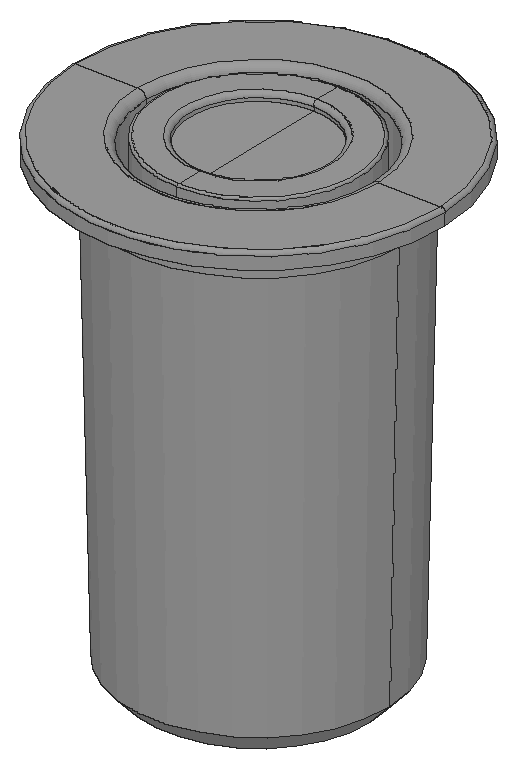
Revit family "0059828 Feilo Sylvania Lighting Fixture SYLFIRE LED G2 WH TLT NW DIM DC", category Lighting Fixtures, host Face, Revit 2017
Family settings
  Host = Face
  Round Connector Dimension = Use Diameter
  Part Type = Normal
  OmniClass Number = 23.80.70.00
  OmniClass Title = Lighting
  Cut with Voids When Loaded = No
  Light Source = No
  Shared = No
  Room Calculation Point = No
Parameters (values of type "0059828 SYLFIRE LED G2 WH TLT NW DIM DC")
  Weight = "9.82 kg"
  Wattage Comments = ""
  WarrantyStartDate [instance] = "n/a"
  WarrantyGuarantorParts = "n/a"
  WarrantyDurationUnit = "n/a"
  WarrantyDurationParts = "n/a"
  WarrantyDescription = "n/a"
  Voltage = 230 V
  URL = "http://www.sylvania-lighting.com"
  TypeName = "SYLFIRE LED G2 WH TLT NW DIM DC"
  TypeHead_FEILO = SylFire Tiltable Head : 0059828 SYLFIRE LED G2 WH TLT NW DIM DC
  Type Image = <None>
  Type Comments = "n/a"
  TiltAngle_FEILO = 0.00°
  SerialNumber [instance] = "n/a"
  Material_3_FEILO = none
  PowerFactor = 0.85
  PowerConsumption = "8 W"
  NominalLength = 92 mm
  NominalHeight = 117 mm
  NominalDepth = 92 mm
  Name = "SYLFIRE LED G2 WH TLT NW DIM DC"
  ModelReference = Name  # "SYLFIRE LED G2 WH TLT NW DIM DC"
  ModelNumber = "0059828"
  Model = Name  # "SYLFIRE LED G2 WH TLT NW DIM DC"
  Material = "n/a"
  ManufacturerName = "Feilo Sylvania"
  Manufacturer = "Feilo Sylvania"
  LuminousEfficacy = "77.5 lm/W"
  LuminaireType = ""
  LightOutputRatio = "n/a"
  LampsType = Lamp  # "LED"
  LampNominalLuminous = "620 lm"
  LampMacAdamStep = "n/a"
  LampColourTemperature = "4000 K"
  LampColourRenderingIndex = "80"
  Lamp = "LED"
  Keynote = "16500"
  InstallationDate [instance] = "n/a"
  InputVoltage = "220-240V~"
  InputNominalFrequency = "50/60 Hz"
  IngressProtection = "IP20"
  ImpactProtectionIndex = "IK06"
  IfcExportType = "IfcLightFixtureType"
  IfcExportAs = "IfcLightFixtureType"
  ExpectedLife = 50000
  EndAngle_FEILO = TiltAngle_FEILO + 180.00°  # 180.00°
  ElectricShockClassification = "Class II"
  DurationUnit = "hours"
  DocumentationLiterature = "http://www.sylvania-lighting.com/product/en-int/products/0059828"
  DimmingControlOptions = "Non dimmable"
  Material_2_FEILO = LED-Sylvania-SylFire
  Description = "IP20 LED downlight, fire rated for 30, 60 and 90 minutes. 8W up to 620 lumen output."
  Default Elevation = 1219.2 mm
  CreatedOn = "2/15/2018"
  CreatedBy = ""
  Cost = 0
  built-in parameter 1114216 [instance] = (empty or 0)
  ClassificationValue = "EF_70_80"
  ClassificationName = "Uniclass2015"
  Material_1_FEILO = Body-Sylvania-SylFire-White
  BarCode [instance] = "n/a"
  AssetType = "Fixed"
  AssetIdentifier [instance] = "n/a"
  Assembly Code = "D5020200"
  Apparent Load = 8 VA
  Material_4_FEILO = none
Reference planes
  plane 1 "Center (Front/Back)": y = 0
  plane 2: z = 0
  plane 3 "Center (Left/Right)": x = 0
  plane 4: x = -46
  plane 5: x = 46
  plane 6: x = -43
  plane 7: x = 43
  plane 8: z = 4
  plane 9: x = -41
  plane 10: x = -36.6
  plane 11: x = -34.6
  plane 12: z = -7
  plane 13: z = -69
  plane 14: z = -111
  plane 15: z = -116
  plane 16: x = -32.4
  plane 17: x = -27.8
  plane 18: z = -22
Forms (mm)
  Revolve 1, solid, material "Body-Sylvania-SylFire-White" <- "Material_1_FEILO"
    sketch origin (0, 0, 0) x (1, 0, 0) y (0, 0, 1)
      loop
        line (0, -22) -> (-27.8, -22) -> (-27.8, 2)
        arc (-27.8, 2) -> (-28.386, 3.414) -> (-29.8, 4) r 2
        line (-29.8, 4) -> (-45, 4)
        arc (-45, 4) -> (-45.707, 3.707) -> (-46, 3) r 1
        line (-46, 3) -> (-46, 0) -> (-36.6, 0) -> (-36.6, -7) -> (-34.6, -7) -> (-32.4, -111) -> (-27.8, -116) -> (0, -116) -> (0, -22)
      axis (0, 4) -> (0, -116)
    angle from 360 to 0
  Revolve 2, void
    sketch origin (0, 0, 0) x (1, 0, 0) y (0, 0, 1)
      loop
        line (0, 0) -> (-43, 0) -> (-43, -116) -> (0, -116) -> (0, 0)
      axis (0, 0) -> (0, -116)
    angle from 360 to 0
  Revolve 3, solid
    sketch origin (1223.4, -4572, -7) x (0, -1, 0) y (1, 0, 0)
      loop
        line (-4572, -1223.4) -> (-4577, -1223.4) -> (-4577, -1236.572) -> (-4572, -1236.572) -> (-4572, -1223.4)
      axis (-4572, -1223.4) -> (-4572, -1236.572)
    angle from 0 <- "TiltAngle_FEILO" to 180 <- "EndAngle_FEILO"
Dimensions and locks
  equal spacing: plane 7, plane 3 "Center (Left/Right)", plane 6
  locked: plane 7 to plane 6 at 86
  equal spacing: plane 5, plane 3 "Center (Left/Right)", plane 4
  locked: plane 5 to plane 4 at 92
  locked: plane 8 to plane 2 at 4
  locked: plane 2 to plane 12 at 7
  locked: plane 12 to plane 13 at 62
  locked: plane 3 "Center (Left/Right)" to plane 4 at 46
  locked: plane 2 to plane 18 at 22
  locked: plane 3 "Center (Left/Right)" to plane 17 at 27.8
  locked: plane 3 "Center (Left/Right)" to plane 16 at 32.4
  locked: plane 3 "Center (Left/Right)" to plane 11 at 34.6
  locked: plane 3 "Center (Left/Right)" to plane 10 at 36.6
  locked: plane 3 "Center (Left/Right)" to plane 9 at 41
  locked: plane 3 "Center (Left/Right)" to plane 6 at 43
  aligned and locked: plane 2 to host face
  aligned and locked: level to host face
  aligned and locked: Revolve 1 sketch curve to plane 3 "Center (Left/Right)"
  aligned and locked: plane 3 "Center (Left/Right)" to Revolve 1 sketch curve  (x2)
  aligned and locked: Revolve 1 sketch curve to plane 18
  aligned and locked: plane 17 to Revolve 1 sketch curve  (x2)
  aligned and locked: Revolve 1 sketch curve to plane 8
  aligned and locked: level to Revolve 1 sketch curve
  aligned and locked: Revolve 1 sketch curve to plane 4
  aligned and locked: Revolve 1 sketch curve to plane 10
  aligned and locked: plane 12 to Revolve 1 sketch curve
  aligned and locked: plane 16 to Revolve 1 sketch curve
  aligned and locked: plane 15 to Revolve 1 sketch curve
  aligned and locked: Revolve 2 sketch curve to plane 3 "Center (Left/Right)"
  aligned and locked: Revolve 2 sketch curve to Revolve 1
  aligned and locked: plane 3 "Center (Left/Right)" to Revolve 2 sketch curve
  aligned and locked: plane 15 to Revolve 2 sketch curve
  aligned and locked: Revolve 2 sketch curve to plane 6
  aligned and locked: Revolve 3 sketch curve to plane 1 "Center (Front/Back)"
  aligned and locked: Revolve 3 sketch curve to Revolve 3 sketch curve
  aligned and locked: plane 3 "Center (Left/Right)" to Revolve 3 sketch curve
  aligned and locked: plane 3 "Center (Left/Right)" to nested 1
Automatic sketch dimensions
  host sketch curve to host sketch curve = 2438.4 mm  (x2)
  Revolve 1 sketch curve to plane 11 = 0 mm
  Revolve 1 sketch curve to plane 14 = 0 mm
  plane 4 to Revolve 1 sketch curve = 1 mm
  plane 8 to Revolve 1 sketch curve = 2 mm
  plane 15 to Revolve 1 sketch curve = 493.6 mm
  Revolve 1 sketch curve to plane 8 = 2606.058 mm
  plane 15 to Revolve 2 sketch curve = 493.6 mm
  Revolve 2 sketch curve to plane 8 = 2606.058 mm
  Revolve 3 sketch curve to plane 1 "Center (Front/Back)" = 5 mm
  Revolve 3 sketch curve to Revolve 3 sketch curve = 13.172 mm
  Revolve 3 sketch curve to plane 4 = 1478 mm
  plane 5 to Revolve 3 sketch curve = 1478 mm
Nested families
  nested 1: "SylFire Tiltable Head" at (0, 0, -7) x (0, 1, 0) z (0, 0, 1), type <- "TypeHead_FEILO", type "0059828 SYLFIRE LED G2 WH TLT NW DIM DC"
    with built-in parameter 1114216 (empty or 0)
Connectors
  electrical at (0, 0, 0), driven by "Apparent Load", driven by "PowerFactor", driven by "Voltage"
    settings: index 1, voltage 230 V, apparent load 8 VA, apparent load phase1 0 VA, apparent load phase2 0 VA, apparent load phase3 0 VA, power factor 0.85, load classification "Lighting", number of poles 1, system type 30, power factor state 1, is connector primary yes, connector utility no, sub classification motor no, connector description ""
Definition of nested family "SylFire Tiltable Head"
  Parameters (values of type "0059827 SYLFIRE LED G2 WH TLT WW DIM DC")
    Wattage Comments = "n/a"
    Wattage = 8 W
    built-in parameter 1150110 = 1 (stored number, unit not read)
    URL = "http://www.feilosylvania.com"
    Type Image = (empty or 0)
    Type Comments = "n/a"
    built-in parameter 1114217 = 1 (stored number, unit not read)
    Tilt Angle = -90.00°
    built-in parameter 1150109 = 1 (stored number, unit not read)
    built-in parameter 1150134 = (empty or 0)
    built-in parameter 1150113 = 1 (stored number, unit not read)
    Photometric Web File = "0059827.ies"
    built-in parameter 1150142 = "IESNA:LM-63-2002\r\n[MANUFAC] \r\n[_EULUMDAT_ITYP] 1\r\n[_EULUMDAT_HDIST] 30\r\n[_EULUMD_VDIST] 1\r\n[TEST] 201712069-1\r\n[LUMINAIRE] LED天花灯\r\n[LUMCAT] 201712069-1\r\n[_EULUM_FILENAME] 201712069-1 LED G2WH TLT WW DIM DC(P034057).ldt\r\n[ISSUEDATE] 2017-11-16/汪亮\r\n[_EULUM_AREALENGTH] 40\r\n[_EULUM_AREAWIDTH] 40\r\n[_EULUM_C0_LUM] 0\r\n[_EULUM_C90_LUM] 0\r\n[_EULUM_C180_LUM] 0\r\n[_EULUM_C270_LUM] 0\r\n[_EULUM_DOWN_FLUX] 100\r\n[_EULUM_EFFICIENCY] 100\r\n[_EULUM_CONV] 1\r\n[_EULUM_TILT] 0.0\r\n[_EULUM_LAMP_1_NUM] 1\r\n[_EULUM_LAMP_1_TYPE] LED 8W\r\n[_EULUM_LAMP_1_FLUX] 726.9\r\n[_EULUM_LAMP_1_COLOR] \r\n[_EULUM_LAMP_1_CRG] \r\n[_EULUM_LAMP_1_WATTS] 8.0\r\n[LAMP] LED 8W\r\n[_EULUM_DR_0] 0.719\r\n[_EULUM_DR_1] 0.795\r\n[_EULUM_DR_2] 0.839\r\n[_EULUM_DR_3] 0.88\r\n[_EULUM_DR_4] 0.907\r\n[_EULUM_DR_5] 0.929\r\n[_EULUM_DR_6] 0.94\r\n[_EULUM_DR_7] 0.954\r\n[_EULUM_DR_8] 0.972\r\n[_EULUM_DR_9] 0.983\r\nTILT=NONE\r\n1 726.9 1 181 4 1 2 0.04 0.04 0\r\n1 1 8\r\n0 1 2 3 4 5 6 7 8 9 10 11 12 13 14 15 16 17 18 19 20 21 22 23 24 25 26 27 28 29 30 31 32 33 34 35 36 37 38 39 40 41 42 43 44 45 46 47 48 49 50 51 52 53 54 55 56 57 58 59 60 61 62 63 64 65 66 67 68 69 70 71 72 73 74 75 76 77 78 79 80 81 82 83 84 85 86 87 \r\n88 89 90 91 92 93 94 95 96 97 98 99 100 101 102 103 104 105 106 107 108 109 110 111 112 113 114 115 116 117 118 119 120 121 122 123 124 125 126 127 128 129 130 131 132 133 134 135 136 137 138 139 140 141 142 143 144 145 146 147 148 149 150 151 152 153 154\r\n 155 156 157 158 159 160 161 162 163 164 165 166 167 168 169 170 171 172 173 174 175 176 177 178 179 180\r\n0 30 60 90\r\n1254.084 1247.36 1249.541 1228.461 1219.011 1183.393 1157.225 1131.057 1107.069 1069.27 1032.198 1016.933 983.496 947.878 920.255 892.633 854.834 797.409 742.892 698.333 658.571 627.751 593.078 558.259 530.492 491.748 457.002 425.091 391.436 358.434 \r\n318.019 284.363 251.435 218.506 187.686 161.59 139.856 120.593 103.438 89.554 76.761 67.035 58.799 51.385 44.741 39.165 33.118 27.935 24.148 21.153 19.11 17.496 16.035 14.662 13.92 12.982 12.568 12.176 11.601 10.925 10.286 9.791 9.566 9.29 8.963 8.585 \r\n8.105 7.654 7.009 6.537 5.99 5.384 4.971 4.63 4.264 3.925 3.594 3.316 2.954 2.655 2.297 1.955 1.613 1.241 0.841 0.312 0.004 0.00 0.00 0.00 0.00 0.00 0.00 0.00 0.00 0.00 0.00 0.00 0.00 0.00 0.00 0.00 0.00 0.00 0.00 0.00 0.00 0.00 0.00 0.00 0.00 0.00 0.00 \r\n0.00 0.00 0.00 0.00 0.00 0.00 0.00 0.00 0.00 0.00 0.00 0.00 0.00 0.00 0.00 0.00 0.00 0.00 0.00 0.00 0.00 0.00 0.00 0.00 0.00 0.00 0.00 0.00 0.00 0.00 0.00 0.00 0.00 0.00 0.00 0.00 0.00 0.00 0.00 0.00 0.00 0.00 0.00 0.00 0.00 0.00 0.00 0.00 0.00 0.00 0.00 \r\n0.00 0.00 0.00 0.00 0.00 0.00 0.00 0.00 0.00 0.00 0.00 0.00 0.00 0.00 0.00 0.00 0.00\r\n1254.084 1239.365 1251.722 1235.003 1219.738 1210.289 1202.293 1174.67 1162.313 1131.057 1107.069 1073.631 1051.824 1008.937 962.416 920.982 859.196 803.951 747.253 701.022 654.137 631.603 588.934 555.279 516.826 478.30 438.757 395.87 362.941 327.396 \r\n294.54 260.666 231.227 206.73 181.725 163.989 147.561 131.86 115.286 100.966 88.10 77.633 67.74 59.184 51.85 45.518 40.001 35.647 31.693 28.037 24.758 22.643 19.866 18.921 17.249 15.919 14.989 13.833 13.048 12.43 11.805 11.122 10.562 10.249 9.857 9.173 \r\n8.716 8.192 7.632 7.036 6.388 5.977 5.425 4.976 4.614 4.28 4.002 3.584 3.276 2.908 2.533 2.03 1.49 0.925 0.20 0.00 0.00 0.00 0.00 0.00 0.00 0.00 0.00 0.00 0.00 0.00 0.00 0.00 0.00 0.00 0.00 0.00 0.00 0.00 0.00 0.00 0.00 0.00 0.00 0.00 0.00 0.00 0.00 0.00 \r\n0.00 0.00 0.00 0.00 0.00 0.00 0.00 0.00 0.00 0.00 0.00 0.00 0.00 0.00 0.00 0.00 0.00 0.00 0.00 0.00 0.00 0.00 0.00 0.00 0.00 0.00 0.00 0.00 0.00 0.00 0.00 0.00 0.00 0.00 0.00 0.00 0.00 0.00 0.00 0.00 0.00 0.00 0.00 0.00 0.00 0.00 0.00 0.00 0.00 0.00 0.00 \r\n0.00 0.00 0.00 0.00 0.00 0.00 0.00 0.00 0.00 0.00 0.00 0.00 0.00 0.00 0.00 0.00\r\n1254.084 1248.814 1252.449 1232.096 1211.742 1193.57 1173.944 1159.406 1136.145 1125.968 1101.254 1085.262 1054.732 1019.114 985.676 947.151 889.726 835.935 785.779 729.808 697.897 661.043 623.898 579.339 535.943 487.968 444.717 399.795 357.635 315.693 \r\n279.638 247.146 214.581 189.067 166.169 144.435 125.972 111.288 96.169 84.248 74.289 65.617 58.254 51.435 46.776 40.939 37.312 33.757 30.275 27.557 24.598 23.304 21.494 20.048 17.962 16.435 15.178 14.196 13.688 13.15 12.43 11.848 11.216 10.635 10.024 \r\n9.566 8.999 8.49 7.93 7.40 6.854 6.315 5.902 5.484 5.029 4.714 4.272 3.802 3.307 2.698 2.064 1.449 0.315 0.002 0.00 0.00 0.00 0.00 0.00 0.00 0.00 0.00 0.00 0.00 0.00 0.00 0.00 0.00 0.00 0.00 0.00 0.00 0.00 0.00 0.00 0.00 0.00 0.00 0.00 0.00 0.00 0.00 0.00\r\n 0.00 0.00 0.00 0.00 0.00 0.00 0.00 0.00 0.00 0.00 0.00 0.00 0.00 0.00 0.00 0.00 0.00 0.00 0.00 0.00 0.00 0.00 0.00 0.00 0.00 0.00 0.00 0.00 0.00 0.00 0.00 0.00 0.00 0.00 0.00 0.00 0.00 0.00 0.00 0.00 0.00 0.00 0.00 0.00 0.00 0.00 0.00 0.00 0.00 0.00 0.00\r\n 0.00 0.00 0.00 0.00 0.00 0.00 0.00 0.00 0.00 0.00 0.00 0.00 0.00 0.00 0.00 0.00 0.00\r\n1254.084 1240.818 1257.537 1240.818 1234.276 1208.108 1195.024 1138.325 1119.426 1095.438 1101.98 1077.266 1077.993 1035.833 1011.118 947.878 897.722 843.204 786.506 731.261 684.013 649.485 600.056 554.043 503.306 452.568 411.934 371.082 332.775 298.029 \r\n265.319 238.205 215.017 191.974 172.784 155.629 139.419 122.846 105.328 92.026 80.177 71.367 63.109 55.79 48.971 43.861 39.078 35.545 32.093 28.902 26.503 24.518 22.672 21.429 19.961 18.521 16.951 15.556 14.72 14.00 13.062 12.241 11.863 11.485 10.983 \r\n10.315 9.719 9.224 8.759 8.105 7.502 7.031 6.377 5.892 5.458 5.057 4.641 4.056 3.456 2.831 2.144 1.473 0.382 0.00 0.00 0.00 0.00 0.00 0.00 0.00 0.00 0.00 0.00 0.00 0.00 0.00 0.00 0.00 0.00 0.00 0.00 0.00 0.00 0.00 0.00 0.00 0.00 0.00 0.00 0.00 0.00 0.00 \r\n0.00 0.00 0.00 0.00 0.00 0.00 0.00 0.00 0.00 0.00 0.00 0.00 0.00 0.00 0.00 0.00 0.00 0.00 0.00 0.00 0.00 0.00 0.00 0.00 0.00 0.00 0.00 0.00 0.00 0.00 0.00 0.00 0.00 0.00 0.00 0.00 0.00 0.00 0.00 0.00 0.00 0.00 0.00 0.00 0.00 0.00 0.00 0.00 0.00 0.00 0.00 \r\n0.00 0.00 0.00 0.00 0.00 0.00 0.00 0.00 0.00 0.00 0.00 0.00 0.00 0.00 0.00 0.00 0.00 0.00\r\n"
    Material_3_FEILO = none
    Model = "SYLFIRE LED G2 WH TLT WW DIM DC"
    Manufacturer = "Feilo Sylvania"
    built-in parameter 1150105 = 1038 (stored number, unit not read)
    Lumens = 600 lm
    built-in parameter 1150115 = 1 (stored number, unit not read)
    built-in parameter 1150137 = (empty or 0)
    built-in parameter 1150139 = (empty or 0)
    built-in parameter 1150112 = 1 (stored number, unit not read)
    built-in parameter 1150114 = 1 (stored number, unit not read)
    Lamp = "LED"
    Keynote = "16500"
    Material_2_FEILO = none
    built-in parameter 1150132 = (empty or 0)
    built-in parameter 1150102 = (empty or 0)
    built-in parameter 1150107 = 3000 (stored number, unit not read)
    built-in parameter 1150138 = (empty or 0)
    built-in parameter 1150106 = 10.38 (stored number, unit not read)
    Emit from Circle Diameter = 34 mm
    Emit Shape Visible in Rendering = no
    built-in parameter 1150104 = 6.9677 (stored number, unit not read)
    Dimming Lamp Color Temperature Shift = (empty or 0)
    Description = "IP20 LED downlight, fire rated for 30, 60 and 90 minutes. 8W up to 620 lumen output."
    Default Elevation = 1219.2 mm
    Cost = 0
    Color Filter = 16777215
    built-in parameter 1114216 [instance] = (empty or 0)
    Material_1_FEILO = none
    built-in parameter 1114218 = 1 (stored number, unit not read)
    built-in parameter 1150133 = 10 (stored number, unit not read)
    Assembly Code = "D5020200"
    Apparent Load = 8 VA
    Material_4_FEILO = none
  Types (2, lengths in mm): name | built-in parameter 1150134 | Photometric Web File | built-in parameter 1150142 | Model | built-in parameter 1150105 | Lumens | built-in parameter 1150107 | built-in parameter 1150106 | built-in parameter 1150104
    0059827 SYLFIRE LED G2 WH TLT WW DIM DC | (empty or 0) | "0059827.ies" | "IESNA:LM-63-2002\r\n[MANUFAC] \r\n[_EULUMDAT_ITYP] 1\r\n[_EULUMDAT_HDIST] 30\r\n[_EULUMD_VDIST] 1\r\n[TEST] 201712069-1\r\n[LUMINAIRE] LED天花灯\r\n[LUMCAT] 201712069-1\r\n[_EULUM_FILENAME] 201712069-1 LED G2WH TLT WW DIM DC(P034057).ldt\r\n[ISSUEDATE] 2017-11-16/汪亮\r\n[_EULUM_AREALENGTH] 40\r\n[_EULUM_AREAWIDTH] 40\r\n[_EULUM_C0_LUM] 0\r\n[_EULUM_C90_LUM] 0\r\n[_EULUM_C180_LUM] 0\r\n[_EULUM_C270_LUM] 0\r\n[_EULUM_DOWN_FLUX] 100\r\n[_EULUM_EFFICIENCY] 100\r\n[_EULUM_CONV] 1\r\n[_EULUM_TILT] 0.0\r\n[_EULUM_LAMP_1_NUM] 1\r\n[_EULUM_LAMP_1_TYPE] LED 8W\r\n[_EULUM_LAMP_1_FLUX] 726.9\r\n[_EULUM_LAMP_1_COLOR] \r\n[_EULUM_LAMP_1_CRG] \r\n[_EULUM_LAMP_1_WATTS] 8.0\r\n[LAMP] LED 8W\r\n[_EULUM_DR_0] 0.719\r\n[_EULUM_DR_1] 0.795\r\n[_EULUM_DR_2] 0.839\r\n[_EULUM_DR_3] 0.88\r\n[_EULUM_DR_4] 0.907\r\n[_EULUM_DR_5] 0.929\r\n[_EULUM_DR_6] 0.94\r\n[_EULUM_DR_7] 0.954\r\n[_EULUM_DR_8] 0.972\r\n[_EULUM_DR_9] 0.983\r\nTILT=NONE\r\n1 726.9 1 181 4 1 2 0.04 0.04 0\r\n1 1 8\r\n0 1 2 3 4 5 6 7 8 9 10 11 12 13 14 15 16 17 18 19 20 21 22 23 24 25 26 27 28 29 30 31 32 33 34 35 36 37 38 39 40 41 42 43 44 45 46 47 48 49 50 51 52 53 54 55 56 57 58 59 60 61 62 63 64 65 66 67 68 69 70 71 72 73 74 75 76 77 78 79 80 81 82 83 84 85 86 87 \r\n88 89 90 91 92 93 94 95 96 97 98 99 100 101 102 103 104 105 106 107 108 109 110 111 112 113 114 115 116 117 118 119 120 121 122 123 124 125 126 127 128 129 130 131 132 133 134 135 136 137 138 139 140 141 142 143 144 145 146 147 148 149 150 151 152 153 154\r\n 155 156 157 158 159 160 161 162 163 164 165 166 167 168 169 170 171 172 173 174 175 176 177 178 179 180\r\n0 30 60 90\r\n1254.084 1247.36 1249.541 1228.461 1219.011 1183.393 1157.225 1131.057 1107.069 1069.27 1032.198 1016.933 983.496 947.878 920.255 892.633 854.834 797.409 742.892 698.333 658.571 627.751 593.078 558.259 530.492 491.748 457.002 425.091 391.436 358.434 \r\n318.019 284.363 251.435 218.506 187.686 161.59 139.856 120.593 103.438 89.554 76.761 67.035 58.799 51.385 44.741 39.165 33.118 27.935 24.148 21.153 19.11 17.496 16.035 14.662 13.92 12.982 12.568 12.176 11.601 10.925 10.286 9.791 9.566 9.29 8.963 8.585 \r\n8.105 7.654 7.009 6.537 5.99 5.384 4.971 4.63 4.264 3.925 3.594 3.316 2.954 2.655 2.297 1.955 1.613 1.241 0.841 0.312 0.004 0.00 0.00 0.00 0.00 0.00 0.00 0.00 0.00 0.00 0.00 0.00 0.00 0.00 0.00 0.00 0.00 0.00 0.00 0.00 0.00 0.00 0.00 0.00 0.00 0.00 0.00 \r\n0.00 0.00 0.00 0.00 0.00 0.00 0.00 0.00 0.00 0.00 0.00 0.00 0.00 0.00 0.00 0.00 0.00 0.00 0.00 0.00 0.00 0.00 0.00 0.00 0.00 0.00 0.00 0.00 0.00 0.00 0.00 0.00 0.00 0.00 0.00 0.00 0.00 0.00 0.00 0.00 0.00 0.00 0.00 0.00 0.00 0.00 0.00 0.00 0.00 0.00 0.00 \r\n0.00 0.00 0.00 0.00 0.00 0.00 0.00 0.00 0.00 0.00 0.00 0.00 0.00 0.00 0.00 0.00 0.00\r\n1254.084 1239.365 1251.722 1235.003 1219.738 1210.289 1202.293 1174.67 1162.313 1131.057 1107.069 1073.631 1051.824 1008.937 962.416 920.982 859.196 803.951 747.253 701.022 654.137 631.603 588.934 555.279 516.826 478.30 438.757 395.87 362.941 327.396 \r\n294.54 260.666 231.227 206.73 181.725 163.989 147.561 131.86 115.286 100.966 88.10 77.633 67.74 59.184 51.85 45.518 40.001 35.647 31.693 28.037 24.758 22.643 19.866 18.921 17.249 15.919 14.989 13.833 13.048 12.43 11.805 11.122 10.562 10.249 9.857 9.173 \r\n8.716 8.192 7.632 7.036 6.388 5.977 5.425 4.976 4.614 4.28 4.002 3.584 3.276 2.908 2.533 2.03 1.49 0.925 0.20 0.00 0.00 0.00 0.00 0.00 0.00 0.00 0.00 0.00 0.00 0.00 0.00 0.00 0.00 0.00 0.00 0.00 0.00 0.00 0.00 0.00 0.00 0.00 0.00 0.00 0.00 0.00 0.00 0.00 \r\n0.00 0.00 0.00 0.00 0.00 0.00 0.00 0.00 0.00 0.00 0.00 0.00 0.00 0.00 0.00 0.00 0.00 0.00 0.00 0.00 0.00 0.00 0.00 0.00 0.00 0.00 0.00 0.00 0.00 0.00 0.00 0.00 0.00 0.00 0.00 0.00 0.00 0.00 0.00 0.00 0.00 0.00 0.00 0.00 0.00 0.00 0.00 0.00 0.00 0.00 0.00 \r\n0.00 0.00 0.00 0.00 0.00 0.00 0.00 0.00 0.00 0.00 0.00 0.00 0.00 0.00 0.00 0.00\r\n1254.084 1248.814 1252.449 1232.096 1211.742 1193.57 1173.944 1159.406 1136.145 1125.968 1101.254 1085.262 1054.732 1019.114 985.676 947.151 889.726 835.935 785.779 729.808 697.897 661.043 623.898 579.339 535.943 487.968 444.717 399.795 357.635 315.693 \r\n279.638 247.146 214.581 189.067 166.169 144.435 125.972 111.288 96.169 84.248 74.289 65.617 58.254 51.435 46.776 40.939 37.312 33.757 30.275 27.557 24.598 23.304 21.494 20.048 17.962 16.435 15.178 14.196 13.688 13.15 12.43 11.848 11.216 10.635 10.024 \r\n9.566 8.999 8.49 7.93 7.40 6.854 6.315 5.902 5.484 5.029 4.714 4.272 3.802 3.307 2.698 2.064 1.449 0.315 0.002 0.00 0.00 0.00 0.00 0.00 0.00 0.00 0.00 0.00 0.00 0.00 0.00 0.00 0.00 0.00 0.00 0.00 0.00 0.00 0.00 0.00 0.00 0.00 0.00 0.00 0.00 0.00 0.00 0.00\r\n 0.00 0.00 0.00 0.00 0.00 0.00 0.00 0.00 0.00 0.00 0.00 0.00 0.00 0.00 0.00 0.00 0.00 0.00 0.00 0.00 0.00 0.00 0.00 0.00 0.00 0.00 0.00 0.00 0.00 0.00 0.00 0.00 0.00 0.00 0.00 0.00 0.00 0.00 0.00 0.00 0.00 0.00 0.00 0.00 0.00 0.00 0.00 0.00 0.00 0.00 0.00\r\n 0.00 0.00 0.00 0.00 0.00 0.00 0.00 0.00 0.00 0.00 0.00 0.00 0.00 0.00 0.00 0.00 0.00\r\n1254.084 1240.818 1257.537 1240.818 1234.276 1208.108 1195.024 1138.325 1119.426 1095.438 1101.98 1077.266 1077.993 1035.833 1011.118 947.878 897.722 843.204 786.506 731.261 684.013 649.485 600.056 554.043 503.306 452.568 411.934 371.082 332.775 298.029 \r\n265.319 238.205 215.017 191.974 172.784 155.629 139.419 122.846 105.328 92.026 80.177 71.367 63.109 55.79 48.971 43.861 39.078 35.545 32.093 28.902 26.503 24.518 22.672 21.429 19.961 18.521 16.951 15.556 14.72 14.00 13.062 12.241 11.863 11.485 10.983 \r\n10.315 9.719 9.224 8.759 8.105 7.502 7.031 6.377 5.892 5.458 5.057 4.641 4.056 3.456 2.831 2.144 1.473 0.382 0.00 0.00 0.00 0.00 0.00 0.00 0.00 0.00 0.00 0.00 0.00 0.00 0.00 0.00 0.00 0.00 0.00 0.00 0.00 0.00 0.00 0.00 0.00 0.00 0.00 0.00 0.00 0.00 0.00 \r\n0.00 0.00 0.00 0.00 0.00 0.00 0.00 0.00 0.00 0.00 0.00 0.00 0.00 0.00 0.00 0.00 0.00 0.00 0.00 0.00 0.00 0.00 0.00 0.00 0.00 0.00 0.00 0.00 0.00 0.00 0.00 0.00 0.00 0.00 0.00 0.00 0.00 0.00 0.00 0.00 0.00 0.00 0.00 0.00 0.00 0.00 0.00 0.00 0.00 0.00 0.00 \r\n0.00 0.00 0.00 0.00 0.00 0.00 0.00 0.00 0.00 0.00 0.00 0.00 0.00 0.00 0.00 0.00 0.00 0.00\r\n" | "SYLFIRE LED G2 WH TLT WW DIM DC" | 1038 (stored number, unit not read) | 600 lm | 3000 (stored number, unit not read) | 10.38 (stored number, unit not read) | 6.9677 (stored number, unit not read)
